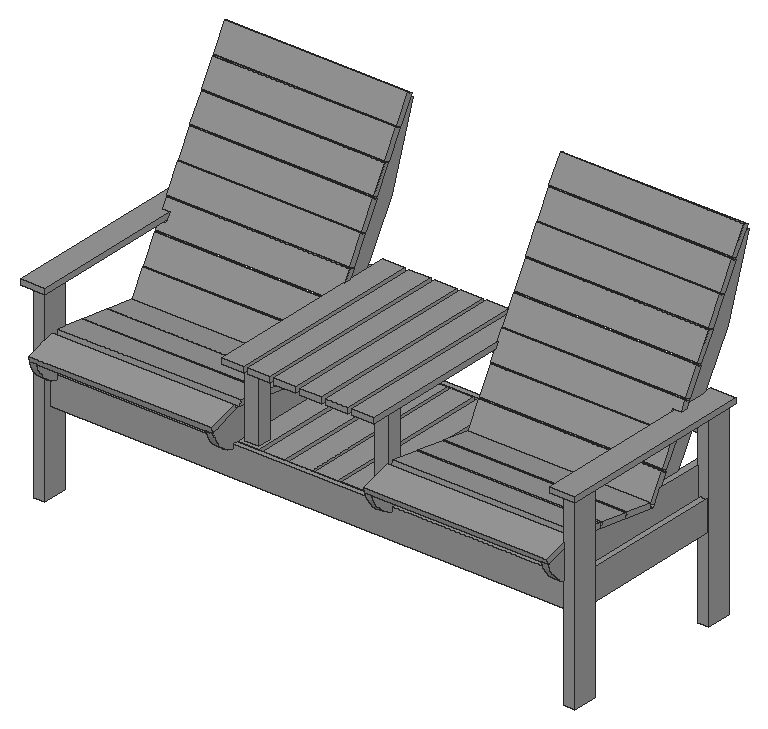
Revit family "Скамейка деревянная «Лигнум» Арт 13021", category Антураж, Revit 2018
Family settings
  На основе рабочей плоскости = Нет
  Всегда вертикально = Да
  При загрузке вырезать с полостями = Нет
  Источник визуального образа = Геометрия семейства
  Общий = Нет
  Точка расчета площади = Нет
Parameters (values of type "Скамейка деревянная «Лигнум». Версия Лиственница")
  Ширина = 940 mm  # constant formula
  Цвет лавки = Лиственница
  Сосна = not(Лиственница)  # no
  Описание = if(Лиственница, "Скамейка деревянная «Лигнум». Версия Лиственница", "Скамейка деревянная «Лигнум». Версия Сосна")  # "Скамейка деревянная «Лигнум». Версия Лиственница"
  Материал изделия = "Дерево"  # constant formula
  Лиственница = yes
  Изображение типоразмера = Скамейка деревянная «Лигнум» Арт 13021.jpg
  Изготовитель = "ООО «Хоббика»"  # constant formula
  Длина = 2000 mm  # constant formula
  Группа модели = "Садовые скамейки"  # constant formula
  Высота = 1200 mm  # constant formula
  Артикул товара = "Арт. 13021"  # constant formula
  URL = "https://hobbyka.ru/product/skameyka_derevyannaya_lignum/"
Types (3, lengths in mm): name | Цвет лавки | Сосна | Описание | Лиственница
  (no name) | Лиственница | no | "Скамейка деревянная «Лигнум». Версия Лиственница" | yes
  Скамейка деревянная «Лигнум». Версия Лиственница | Лиственница | no | "Скамейка деревянная «Лигнум». Версия Лиственница" | yes
  Скамейка деревянная «Лигнум». Версия Сосна | Сосна | yes | "Скамейка деревянная «Лигнум». Версия Сосна" | no
Reference planes
  plane 1 "По центру (Вперед/Назад)": y = 0
  plane 2: z = 0
  plane 3 "По центру (Влево/Вправо)": x = 0
  plane 4: x = 2000
  plane 5: y = 940
  plane 6: z = 1200
Forms (mm)
  Extrusion 1, solid, material "Лиственница" <- "Цвет лавки"
    sketch origin (0, 0, 0) x (0, 1, 0) y (0, 0, 1)
      loop
        line (680, 690) -> (680, 0) -> (770, 0) -> (770, 690) -> (680, 690)
      loop
        line (75, 690) -> (75, 0) -> (165, 0) -> (165, 690) -> (75, 690)
    from 25 to 65
  Extrusion 2, solid, material "Лиственница" <- "Цвет лавки"
    sketch origin (0, 0, 0) x (0, 1, 0) y (0, 0, 1)
      loop
        line (680, 690) -> (680, 0) -> (770, 0) -> (770, 690) -> (680, 690)
      loop
        line (75, 690) -> (75, 0) -> (165, 0) -> (165, 690) -> (75, 690)
    from 1935 to 1975
  Extrusion 3, solid, material "Лиственница" <- "Цвет лавки"
    sketch origin (0, 0, 0) x (1, 0, 0) y (0, 0, 1)
      loop
        line (90, 690) -> (90, 710) -> (0, 710) -> (0, 690) -> (90, 690)
      loop
        line (2000, 690) -> (2000, 710) -> (1910, 710) -> (1910, 690) -> (2000, 690)
      loop
        line (805, 690) -> (805, 710) -> (725, 710) -> (725, 690) -> (805, 690)
      loop
        line (899, 690) -> (899, 710) -> (819, 710) -> (819, 690) -> (899, 690)
      loop
        line (993, 690) -> (993, 710) -> (913, 710) -> (913, 690) -> (993, 690)
      loop
        line (1087, 690) -> (1087, 710) -> (1007, 710) -> (1007, 690) -> (1087, 690)
      loop
        line (1181, 690) -> (1181, 710) -> (1101, 710) -> (1101, 690) -> (1181, 690)
      loop
        line (1275, 690) -> (1275, 710) -> (1195, 710) -> (1195, 690) -> (1275, 690)
    from -45 to -770
  Extrusion 4, solid, material "Лиственница" <- "Цвет лавки"
    sketch origin (0, 0, 0) x (0, 1, 0) y (0, 0, 1)
      loop
        line (884.501, 1200) -> (834.501, 1113.397) -> (851.606, 1103.522) -> (901.606, 1190.125) -> (884.501, 1200)
      loop
        line (832.001, 1109.067) -> (782.001, 1022.465) -> (799.106, 1012.59) -> (849.106, 1099.192) -> (832.001, 1109.067)
      loop
        line (779.501, 1018.135) -> (729.501, 931.532) -> (746.606, 921.657) -> (796.606, 1008.259) -> (779.501, 1018.135)
      loop
        line (727.001, 927.202) -> (677.001, 840.599) -> (694.106, 830.724) -> (744.106, 917.327) -> (727.001, 927.202)
      loop
        line (674.501, 836.269) -> (624.501, 749.667) -> (641.606, 739.792) -> (691.606, 826.394) -> (674.501, 836.269)
      loop
        line (622.001, 745.337) -> (572.001, 658.734) -> (589.106, 648.859) -> (639.106, 735.461) -> (622.001, 745.337)
      loop
        line (569.501, 654.404) -> (519.501, 567.801) -> (536.606, 557.926) -> (586.606, 644.529) -> (569.501, 654.404)
      loop
        line (517.001, 563.471) -> (467.001, 476.869) -> (484.106, 466.994) -> (534.106, 553.596) -> (517.001, 563.471)
      loop
        line (466.051, 482.568) -> (357.405, 499.776) -> (354.316, 480.268) -> (462.961, 463.06) -> (466.051, 482.568)
      loop
        line (352.467, 500.558) -> (243.821, 517.766) -> (240.731, 498.258) -> (349.377, 481.05) -> (352.467, 500.558)
      loop
        line (238.883, 518.548) -> (130.237, 535.756) -> (127.147, 516.248) -> (235.793, 499.04) -> (238.883, 518.548)
      loop
        line (105.739, 532.684) -> (0, 502.364) -> (5.444, 483.378) -> (111.183, 513.698) -> (105.739, 532.684)
    from 65 to 725
  Extrusion 5, solid, material "Лиственница" <- "Цвет лавки"
    sketch origin (0, 0, 0) x (0, 1, 0) y (0, 0, 1)
      loop
        line (884.501, 1200) -> (834.501, 1113.397) -> (851.606, 1103.522) -> (901.606, 1190.125) -> (884.501, 1200)
      loop
        line (832.001, 1109.067) -> (782.001, 1022.465) -> (799.106, 1012.59) -> (849.106, 1099.192) -> (832.001, 1109.067)
      loop
        line (779.501, 1018.135) -> (729.501, 931.532) -> (746.606, 921.657) -> (796.606, 1008.259) -> (779.501, 1018.135)
      loop
        line (727.001, 927.202) -> (677.001, 840.599) -> (694.106, 830.724) -> (744.106, 917.327) -> (727.001, 927.202)
      loop
        line (674.501, 836.269) -> (624.501, 749.667) -> (641.606, 739.792) -> (691.606, 826.394) -> (674.501, 836.269)
      loop
        line (622.001, 745.337) -> (572.001, 658.734) -> (589.106, 648.859) -> (639.106, 735.461) -> (622.001, 745.337)
      loop
        line (569.501, 654.404) -> (519.501, 567.801) -> (536.606, 557.926) -> (586.606, 644.529) -> (569.501, 654.404)
      loop
        line (517.001, 563.471) -> (467.001, 476.869) -> (484.106, 466.994) -> (534.106, 553.596) -> (517.001, 563.471)
      loop
        line (466.051, 482.568) -> (357.405, 499.776) -> (354.316, 480.268) -> (462.961, 463.06) -> (466.051, 482.568)
      loop
        line (352.467, 500.558) -> (243.821, 517.766) -> (240.731, 498.258) -> (349.377, 481.05) -> (352.467, 500.558)
      loop
        line (238.883, 518.548) -> (130.237, 535.756) -> (127.147, 516.248) -> (235.793, 499.04) -> (238.883, 518.548)
      loop
        line (105.739, 532.684) -> (0, 502.364) -> (5.444, 483.378) -> (111.183, 513.698) -> (105.739, 532.684)
    from 1275 to 1935
  Extrusion 6, solid, material "Лиственница" <- "Цвет лавки"
    sketch origin (0, 0, -300) x (1, 0, 0) y (0, 0, 1)
      loop
        line (805, 690) -> (805, 710) -> (725, 710) -> (725, 690) -> (805, 690)
      loop
        line (899, 690) -> (899, 710) -> (819, 710) -> (819, 690) -> (899, 690)
      loop
        line (993, 690) -> (993, 710) -> (913, 710) -> (913, 690) -> (993, 690)
      loop
        line (1087, 690) -> (1087, 710) -> (1007, 710) -> (1007, 690) -> (1087, 690)
      loop
        line (1181, 690) -> (1181, 710) -> (1101, 710) -> (1101, 690) -> (1181, 690)
      loop
        line (1275, 690) -> (1275, 710) -> (1195, 710) -> (1195, 690) -> (1275, 690)
    from -115 to -730
  Extrusion 7, solid, material "Лиственница" <- "Цвет лавки"
    sketch origin (0, 0, 0) x (1, 0, 0) y (0, 0, 1)
      loop
        line (55, 410) -> (35, 410) -> (35, 300) -> (55, 300) -> (55, 410)
      loop
        line (1945, 410) -> (1945, 300) -> (1965, 300) -> (1965, 410) -> (1945, 410)
    from -165 to -680
  Extrusion 8, solid, material "Лиственница" <- "Цвет лавки"
    sketch origin (0, 0, 0) x (0, 1, 0) y (0, 0, 1)
      loop
        line (750, 410) -> (730, 410) -> (730, 300) -> (750, 300) -> (750, 410)
      loop
        line (95, 410) -> (95, 300) -> (115, 300) -> (115, 410) -> (95, 410)
      loop
        line (750, 690) -> (730, 690) -> (730, 580) -> (750, 580) -> (750, 690)
    from 65 to 1935
  Extrusion 9, solid, material "Лиственница" <- "Цвет лавки"
    sketch origin (0, 0, 0) x (1, 0, 0) y (0, 1, 0)
      loop
        line (790, 715) -> (740, 715) -> (740, 665) -> (790, 665) -> (790, 715)
      loop
        line (1260, 715) -> (1210, 715) -> (1210, 665) -> (1260, 665) -> (1260, 715)
      loop
        line (790, 130) -> (790, 180) -> (740, 180) -> (740, 130) -> (790, 130)
      loop
        line (1260, 130) -> (1260, 180) -> (1210, 180) -> (1210, 130) -> (1260, 130)
    from 410 to 690
  Extrusion 10, solid, material "Лиственница" <- "Цвет лавки"
    sketch origin (0, 0, 0) x (0, 1, 0) y (0, 0, 1)
      loop
        line (160, 690) -> (150, 690) -> (150, 640) -> (160, 640) -> (160, 690)
    from 790 to 1210
  Extrusion 11, void
    sketch origin (0, 0, 0) x (1, 0, 0) y (0, 0, 1)
      loop
        line (95, 715) -> (65, 715) -> (65, 685) -> (95, 685) -> (95, 715)
      loop
        line (1905, 715) -> (1905, 685) -> (1935, 685) -> (1935, 715) -> (1905, 715)
    from -629.125 to -585.387
  Extrusion 12, solid, material "Лиственница" <- "Цвет лавки"
    sketch origin (0, 0, 0) x (0, 1, 0) y (0, 0, 1)
      loop
        line (750, 510) -> (508.935, 510) -> (480.254, 460.322) -> (122.592, 516.97) -> (5.444, 483.378)
        arc (5.444, 483.378) -> (37.956, 426.215) -> (95, 393.494) r 124.882
        line (95, 393.494) -> (95, 410) -> (115, 410) -> (115, 390) -> (730, 390) -> (730, 410) -> (750, 410) -> (750, 510)
    from 65 to 90
  Extrusion 13, solid, material "Лиственница" <- "Цвет лавки"
    sketch origin (0, 0, 0) x (0, 1, 0) y (0, 0, 1)
      loop
        line (115, 390) -> (730, 390) -> (730, 410) -> (750, 410) -> (750, 510) -> (508.935, 510) -> (480.254, 460.322) -> (122.592, 516.97) -> (5.444, 483.378)
        arc (5.444, 483.378) -> (37.956, 426.215) -> (95, 393.494) r 124.882
        line (95, 393.494) -> (95, 410) -> (115, 410) -> (115, 390)
    from 1910 to 1935
  Extrusion 14, solid, material "Лиственница" <- "Цвет лавки"
    sketch origin (0, 0, 0) x (0, 1, 0) y (0, 0, 1)
      loop
        line (115, 390) -> (730, 390) -> (730, 410) -> (750, 410) -> (750, 510) -> (508.935, 510) -> (480.254, 460.322) -> (122.592, 516.97) -> (5.444, 483.378)
        arc (5.444, 483.378) -> (37.956, 426.215) -> (95, 393.494) r 124.882
        line (95, 393.494) -> (95, 410) -> (115, 410) -> (115, 390)
    from 1275 to 1300
  Extrusion 15, solid, material "Лиственница" <- "Цвет лавки"
    sketch origin (0, 0, 0) x (0, 1, 0) y (0, 0, 1)
      loop
        line (115, 390) -> (730, 390) -> (730, 410) -> (750, 410) -> (750, 510) -> (508.935, 510) -> (480.254, 460.322) -> (122.592, 516.97) -> (5.444, 483.378)
        arc (5.444, 483.378) -> (37.956, 426.215) -> (95, 393.494) r 124.882
        line (95, 393.494) -> (95, 410) -> (115, 410) -> (115, 390)
    from 700 to 725
  Extrusion 16, solid, material "Лиственница" <- "Цвет лавки"
    sketch origin (0, 0, 0) x (0, 1, 0) y (0, 0, 1)
      loop
        line (894.106, 1177.134) -> (484.106, 466.994) -> (567.184, 419.028) -> (842.751, 877.649) -> (937.287, 1152.203) -> (894.106, 1177.134)
    from 90 to 115
  Extrusion 17, solid, material "Лиственница" <- "Цвет лавки"
    sketch origin (0, 0, 0) x (0, 1, 0) y (0, 0, 1)
      loop
        line (894.106, 1177.134) -> (484.106, 466.994) -> (567.184, 419.028) -> (842.751, 877.649) -> (937.287, 1152.203) -> (894.106, 1177.134)
    from 675 to 700
  Extrusion 18, solid, material "Лиственница" <- "Цвет лавки"
    sketch origin (0, 0, 0) x (0, 1, 0) y (0, 0, 1)
      loop
        line (894.106, 1177.134) -> (484.106, 466.994) -> (567.184, 419.028) -> (842.751, 877.649) -> (937.287, 1152.203) -> (894.106, 1177.134)
    from 1300 to 1325
  Extrusion 19, solid, material "Лиственница" <- "Цвет лавки"
    sketch origin (0, 0, 0) x (0, 1, 0) y (0, 0, 1)
      loop
        line (894.106, 1177.134) -> (484.106, 466.994) -> (567.184, 419.028) -> (842.751, 877.649) -> (937.287, 1152.203) -> (894.106, 1177.134)
    from 1885 to 1910
Cuts and joins
  Extrusion 11 cuts Extrusion 4
  Extrusion 11 cuts Extrusion 5
Dimensions and locks
  "Длина": plane 3 "По центру (Влево/Вправо)" to plane 4
  "Ширина": plane 5 to plane 1 "По центру (Вперед/Назад)"
  "Высота": plane 6 to plane 2
  Extrusion 1 to Extrusion 1 to plane 3 "По центру (Влево/Вправо)" = 40 mm, 25 mm
  plane 4 to Extrusion 2 to Extrusion 2 = 25 mm, 40 mm
  aligned and locked: level to plane 2
Automatic sketch dimensions
  Extrusion 1 sketch curve to level = 0 mm  (x2)
  Extrusion 1 sketch curve to plane 1 "По центру (Вперед/Назад)" = 75 mm
  Extrusion 1 sketch curve to Extrusion 1 sketch curve = 90 mm  (x2)
  Extrusion 1 sketch curve to plane 5 = 260 mm
  Extrusion 1 sketch curve to plane 6 = 510 mm  (x2)
  Extrusion 2 sketch curve to level = 0 mm  (x2)
  Extrusion 2 sketch curve to plane 1 "По центру (Вперед/Назад)" = 75 mm
  Extrusion 2 sketch curve to Extrusion 2 sketch curve = 90 mm  (x2)
  Extrusion 2 sketch curve to plane 5 = 260 mm
  Extrusion 2 sketch curve to plane 6 = 510 mm  (x2)
  Extrusion 3 sketch curve to plane 3 "По центру (Влево/Вправо)" = 0 mm
  Extrusion 3 sketch curve to plane 4 = 0 mm
  plane 3 "По центру (Влево/Вправо)" to Extrusion 3 sketch curve = 90 mm
  Extrusion 3 sketch curve to Extrusion 3 sketch curve = 635 mm
  Extrusion 3 sketch curve to Extrusion 3 sketch curve = 80 mm  (x6)
  Extrusion 3 sketch curve to Extrusion 3 sketch curve = 14 mm  (x5)
  Extrusion 3 sketch curve to Extrusion 3 sketch curve = 90 mm
  Extrusion 3 sketch curve to plane 6 = 510 mm  (x3)
  Extrusion 3 sketch curve to Extrusion 3 sketch curve = 0 mm  (x10)
  Extrusion 3 sketch curve to Extrusion 3 sketch curve = 20 mm  (x3)
  Extrusion 4 sketch curve to plane 1 "По центру (Вперед/Назад)" = 0 mm
  Extrusion 4 sketch curve to plane 6 = 0 mm
  Extrusion 4 sketch curve to plane 1 "По центру (Вперед/Назад)" = 5.444 mm
  Extrusion 4 sketch curve to plane 1 "По центру (Вперед/Назад)" = 105.739 mm
  Extrusion 4 sketch curve to Extrusion 4 sketch curve = 15.965 mm
  Extrusion 4 sketch curve to Extrusion 4 sketch curve = 3.09 mm
  Extrusion 4 sketch curve to Extrusion 4 sketch curve = 108.646 mm  (x3)
  Extrusion 4 sketch curve to Extrusion 4 sketch curve = 4.938 mm  (x4)
  Extrusion 4 sketch curve to Extrusion 4 sketch curve = 0.95 mm
  Extrusion 4 sketch curve to Extrusion 4 sketch curve = 17.104 mm
  Extrusion 4 sketch curve to Extrusion 4 sketch curve = 50.95 mm
  Extrusion 4 sketch curve to Extrusion 4 sketch curve = 2.5 mm  (x14)
  Extrusion 4 sketch curve to Extrusion 4 sketch curve = 50 mm  (x6)
  Extrusion 4 sketch curve to plane 5 = 55.499 mm
  Extrusion 4 sketch curve to plane 6 = 9.875 mm
  Extrusion 4 sketch curve to Extrusion 4 sketch curve = 4.33 mm  (x14)
  Extrusion 4 sketch curve to Extrusion 4 sketch curve = 58.887 mm
  Extrusion 4 sketch curve to Extrusion 4 sketch curve = 3.072 mm
  Extrusion 4 sketch curve to Extrusion 4 sketch curve = 17.208 mm  (x2)
  Extrusion 4 sketch curve to Extrusion 4 sketch curve = 0.782 mm  (x2)
  Extrusion 4 sketch curve to Extrusion 4 sketch curve = 2.55 mm
  Extrusion 4 sketch curve to Extrusion 4 sketch curve = 5.699 mm
  Extrusion 5 sketch curve to plane 1 "По центру (Вперед/Назад)" = 0 mm
  Extrusion 5 sketch curve to plane 6 = 0 mm
  Extrusion 5 sketch curve to plane 1 "По центру (Вперед/Назад)" = 5.444 mm
  Extrusion 5 sketch curve to plane 1 "По центру (Вперед/Назад)" = 105.739 mm
  Extrusion 5 sketch curve to Extrusion 5 sketch curve = 15.965 mm
  Extrusion 5 sketch curve to Extrusion 5 sketch curve = 3.09 mm
  Extrusion 5 sketch curve to Extrusion 5 sketch curve = 108.646 mm  (x3)
  Extrusion 5 sketch curve to Extrusion 5 sketch curve = 4.938 mm  (x4)
  Extrusion 5 sketch curve to Extrusion 5 sketch curve = 0.95 mm
  Extrusion 5 sketch curve to Extrusion 5 sketch curve = 17.104 mm
  Extrusion 5 sketch curve to Extrusion 5 sketch curve = 50.95 mm
  Extrusion 5 sketch curve to Extrusion 5 sketch curve = 2.5 mm  (x14)
  Extrusion 5 sketch curve to Extrusion 5 sketch curve = 50 mm  (x6)
  Extrusion 5 sketch curve to plane 5 = 55.499 mm
  Extrusion 5 sketch curve to plane 6 = 9.875 mm
  Extrusion 5 sketch curve to Extrusion 5 sketch curve = 4.33 mm  (x14)
  Extrusion 5 sketch curve to Extrusion 5 sketch curve = 58.887 mm
  Extrusion 5 sketch curve to Extrusion 5 sketch curve = 3.072 mm
  Extrusion 5 sketch curve to Extrusion 5 sketch curve = 17.208 mm  (x2)
  Extrusion 5 sketch curve to Extrusion 5 sketch curve = 0.782 mm  (x2)
  Extrusion 5 sketch curve to Extrusion 5 sketch curve = 2.55 mm
  Extrusion 5 sketch curve to Extrusion 5 sketch curve = 5.699 mm
  plane 3 "По центру (Влево/Вправо)" to Extrusion 6 sketch curve = 725 mm
  Extrusion 6 sketch curve to Extrusion 6 sketch curve = 80 mm  (x6)
  Extrusion 6 sketch curve to Extrusion 6 sketch curve = 14 mm  (x5)
  level to Extrusion 6 sketch curve = 390 mm  (x2)
  Extrusion 6 sketch curve to Extrusion 6 sketch curve = 0 mm  (x9)
  Extrusion 6 sketch curve to Extrusion 6 sketch curve = 20 mm
  plane 3 "По центру (Влево/Вправо)" to Extrusion 7 sketch curve = 35 mm
  Extrusion 7 sketch curve to Extrusion 7 sketch curve = 20 mm  (x2)
  Extrusion 7 sketch curve to plane 4 = 55 mm
  level to Extrusion 7 sketch curve = 300 mm  (x2)
  Extrusion 7 sketch curve to Extrusion 7 sketch curve = 110 mm  (x2)
  Extrusion 8 sketch curve to plane 1 "По центру (Вперед/Назад)" = 95 mm
  Extrusion 8 sketch curve to Extrusion 8 sketch curve = 20 mm  (x3)
  Extrusion 8 sketch curve to plane 5 = 210 mm
  Extrusion 8 sketch curve to Extrusion 8 sketch curve = 0 mm
  level to Extrusion 8 sketch curve = 300 mm  (x2)
  Extrusion 8 sketch curve to Extrusion 8 sketch curve = 110 mm  (x3)
  Extrusion 8 sketch curve to Extrusion 8 sketch curve = 170 mm
  Extrusion 9 sketch curve to plane 5 = 275 mm  (x2)
  plane 3 "По центру (Влево/Вправо)" to Extrusion 9 sketch curve = 740 mm
  Extrusion 9 sketch curve to plane 1 "По центру (Вперед/Назад)" = 180 mm
  Extrusion 9 sketch curve to Extrusion 9 sketch curve = 0 mm
  Extrusion 9 sketch curve to Extrusion 9 sketch curve = 50 mm  (x8)
  Extrusion 9 sketch curve to Extrusion 9 sketch curve = 420 mm  (x2)
  Extrusion 9 sketch curve to plane 1 "По центру (Вперед/Назад)" = 130 mm
  Extrusion 10 sketch curve to plane 1 "По центру (Вперед/Назад)" = 150 mm
  Extrusion 10 sketch curve to Extrusion 10 sketch curve = 10 mm
  Extrusion 10 sketch curve to plane 6 = 560 mm
  Extrusion 10 sketch curve to Extrusion 10 sketch curve = 50 mm
  plane 3 "По центру (Влево/Вправо)" to Extrusion 11 sketch curve = 65 mm
  Extrusion 11 sketch curve to Extrusion 11 sketch curve = 30 mm  (x4)
  Extrusion 11 sketch curve to plane 4 = 95 mm
  Extrusion 11 sketch curve to plane 6 = 515 mm  (x2)
  Extrusion 12 sketch curve to plane 1 "По центру (Вперед/Назад)" = 5.444 mm
  Extrusion 12 sketch curve to plane 1 "По центру (Вперед/Назад)" = 95 mm
  Extrusion 12 sketch curve to Extrusion 12 sketch curve = 20 mm  (x4)
  Extrusion 12 sketch curve to Extrusion 12 sketch curve = 7.592 mm
  Extrusion 12 sketch curve to Extrusion 12 sketch curve = 3.831 mm
  Extrusion 12 sketch curve to Extrusion 12 sketch curve = 353.831 mm
  Extrusion 12 sketch curve to Extrusion 12 sketch curve = 28.682 mm
  Extrusion 12 sketch curve to plane 5 = 210 mm
  level to Extrusion 12 sketch curve = 390 mm
  Extrusion 12 sketch curve to Extrusion 12 sketch curve = 3.494 mm
  Extrusion 12 sketch curve to Extrusion 12 sketch curve = 50.322 mm
  Extrusion 12 sketch curve to Extrusion 12 sketch curve = 73.378 mm
  Extrusion 12 sketch curve to Extrusion 12 sketch curve = 100 mm
  Extrusion 12 sketch curve to Extrusion 12 sketch curve = 2.611 mm
  Extrusion 13 sketch curve to plane 1 "По центру (Вперед/Назад)" = 5.444 mm
  Extrusion 13 sketch curve to plane 1 "По центру (Вперед/Назад)" = 95 mm
  Extrusion 13 sketch curve to Extrusion 13 sketch curve = 20 mm  (x4)
  Extrusion 13 sketch curve to Extrusion 13 sketch curve = 7.592 mm
  Extrusion 13 sketch curve to Extrusion 13 sketch curve = 3.831 mm
  Extrusion 13 sketch curve to Extrusion 13 sketch curve = 353.831 mm
  Extrusion 13 sketch curve to Extrusion 13 sketch curve = 28.682 mm
  Extrusion 13 sketch curve to plane 5 = 210 mm
  level to Extrusion 13 sketch curve = 390 mm
  Extrusion 13 sketch curve to Extrusion 13 sketch curve = 3.494 mm
  Extrusion 13 sketch curve to Extrusion 13 sketch curve = 50.322 mm
  Extrusion 13 sketch curve to Extrusion 13 sketch curve = 73.378 mm
  Extrusion 13 sketch curve to Extrusion 13 sketch curve = 100 mm
  Extrusion 13 sketch curve to Extrusion 13 sketch curve = 2.611 mm
  Extrusion 14 sketch curve to plane 1 "По центру (Вперед/Назад)" = 5.444 mm
  Extrusion 14 sketch curve to plane 1 "По центру (Вперед/Назад)" = 95 mm
  Extrusion 14 sketch curve to Extrusion 14 sketch curve = 20 mm  (x4)
  Extrusion 14 sketch curve to Extrusion 14 sketch curve = 7.592 mm
  Extrusion 14 sketch curve to Extrusion 14 sketch curve = 3.831 mm
  Extrusion 14 sketch curve to Extrusion 14 sketch curve = 353.831 mm
  Extrusion 14 sketch curve to Extrusion 14 sketch curve = 28.682 mm
  Extrusion 14 sketch curve to plane 5 = 210 mm
  level to Extrusion 14 sketch curve = 390 mm
  Extrusion 14 sketch curve to Extrusion 14 sketch curve = 3.494 mm
  Extrusion 14 sketch curve to Extrusion 14 sketch curve = 50.322 mm
  Extrusion 14 sketch curve to Extrusion 14 sketch curve = 73.378 mm
  Extrusion 14 sketch curve to Extrusion 14 sketch curve = 100 mm
  Extrusion 14 sketch curve to Extrusion 14 sketch curve = 2.611 mm
  Extrusion 15 sketch curve to plane 1 "По центру (Вперед/Назад)" = 5.444 mm
  Extrusion 15 sketch curve to plane 1 "По центру (Вперед/Назад)" = 95 mm
  Extrusion 15 sketch curve to Extrusion 15 sketch curve = 20 mm  (x4)
  Extrusion 15 sketch curve to Extrusion 15 sketch curve = 7.592 mm
  Extrusion 15 sketch curve to Extrusion 15 sketch curve = 3.831 mm
  Extrusion 15 sketch curve to Extrusion 15 sketch curve = 353.831 mm
  Extrusion 15 sketch curve to Extrusion 15 sketch curve = 28.682 mm
  Extrusion 15 sketch curve to plane 5 = 210 mm
  level to Extrusion 15 sketch curve = 390 mm
  Extrusion 15 sketch curve to Extrusion 15 sketch curve = 3.494 mm
  Extrusion 15 sketch curve to Extrusion 15 sketch curve = 50.322 mm
  Extrusion 15 sketch curve to Extrusion 15 sketch curve = 73.378 mm
  Extrusion 15 sketch curve to Extrusion 15 sketch curve = 100 mm
  Extrusion 15 sketch curve to Extrusion 15 sketch curve = 2.611 mm
  Extrusion 16 sketch curve to plane 5 = 455.894 mm
  Extrusion 16 sketch curve to Extrusion 16 sketch curve = 83.078 mm
  Extrusion 16 sketch curve to plane 5 = 97.249 mm
  Extrusion 16 sketch curve to plane 6 = 22.866 mm
  Extrusion 16 sketch curve to plane 5 = 45.894 mm
  Extrusion 16 sketch curve to plane 5 = 2.713 mm
  Extrusion 16 sketch curve to Extrusion 16 sketch curve = 24.931 mm
  Extrusion 16 sketch curve to Extrusion 16 sketch curve = 274.554 mm
  Extrusion 17 sketch curve to plane 5 = 455.894 mm
  Extrusion 17 sketch curve to Extrusion 17 sketch curve = 83.078 mm
  Extrusion 17 sketch curve to plane 5 = 97.249 mm
  Extrusion 17 sketch curve to plane 6 = 22.866 mm
  Extrusion 17 sketch curve to plane 5 = 45.894 mm
  Extrusion 17 sketch curve to plane 5 = 2.713 mm
  Extrusion 17 sketch curve to Extrusion 17 sketch curve = 24.931 mm
  Extrusion 17 sketch curve to Extrusion 17 sketch curve = 274.554 mm
  Extrusion 18 sketch curve to plane 5 = 455.894 mm
  Extrusion 18 sketch curve to Extrusion 18 sketch curve = 83.078 mm
  Extrusion 18 sketch curve to plane 5 = 97.249 mm
  Extrusion 18 sketch curve to plane 6 = 22.866 mm
  Extrusion 18 sketch curve to plane 5 = 45.894 mm
  Extrusion 18 sketch curve to plane 5 = 2.713 mm
  Extrusion 18 sketch curve to Extrusion 18 sketch curve = 24.931 mm
  Extrusion 18 sketch curve to Extrusion 18 sketch curve = 274.554 mm
  Extrusion 19 sketch curve to plane 5 = 455.894 mm
  Extrusion 19 sketch curve to Extrusion 19 sketch curve = 83.078 mm
  Extrusion 19 sketch curve to plane 5 = 97.249 mm
  Extrusion 19 sketch curve to plane 6 = 22.866 mm
  Extrusion 19 sketch curve to plane 5 = 45.894 mm
  Extrusion 19 sketch curve to plane 5 = 2.713 mm
  Extrusion 19 sketch curve to Extrusion 19 sketch curve = 24.931 mm
  Extrusion 19 sketch curve to Extrusion 19 sketch curve = 274.554 mm
